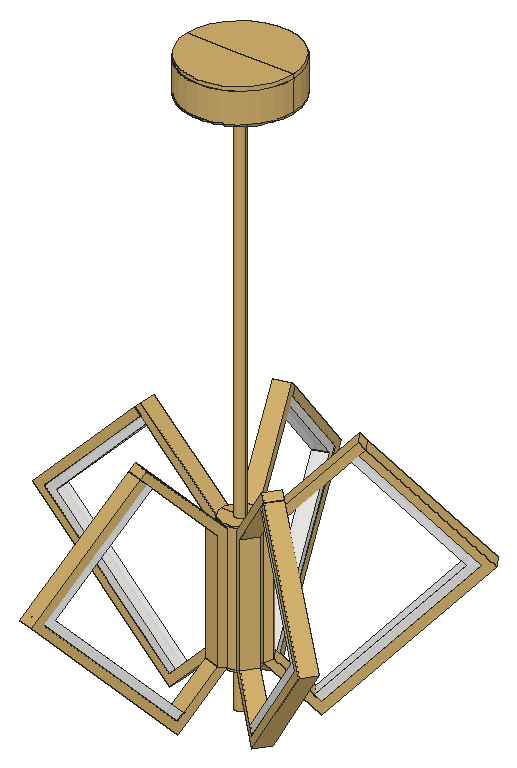
Revit family "3-6142 Acadia Pendant", category Lighting Fixtures, host Ceiling, Revit 2018
Family settings
  Host = Ceiling
  Round Connector Dimension = Use Diameter
  Part Type = Normal
  OmniClass Number = 23.80.70.11
  OmniClass Title = Luminaries for Internal Lighting
  Always vertical = Yes
  Cut with Voids When Loaded = No
  Light Source = Yes
  Shared = No
  Room Calculation Point = No
Parameters (values of type "3-6142-40 / Aged Brass - Matte White Acrylic")
  Wattage Comments = "4 x 12.8 W at 120 V"  # constant formula
  Wattage = 75.56 W
  built-in parameter 1150110 = 1 (stored number, unit not read)
  Voltage Input = "120 V or 277 V - 50/60 Hz"  # constant formula
  Voltage = 120 V
  URL = "www.oxygenlighting.com"
  built-in parameter 1114217 = 1 (stored number, unit not read)
  Tilt Angle = 90.00°  # constant formula
  built-in parameter 1150109 = 1 (stored number, unit not read)
  built-in parameter 1150134 = (empty or 0)
  built-in parameter 1150113 = 1 (stored number, unit not read)
  References = "Ref. 3 = 120 V / Ref. 37 = 277 V"  # constant formula
  Photometric Web File = "3-6142-40 Acadia Pendant.ies"
  Model = "3-6142-xx / Acadia Pendant"  # constant formula
  Metal Finish = 40 - Aged Brass
  Manufacturer = "Oxygen - Lighting & Fans"  # constant formula
  Lumens = 2501.04 lm
  built-in parameter 1150115 = 1 (stored number, unit not read)
  built-in parameter 1150105 = 199.03 (stored number, unit not read)
  built-in parameter 1150137 = (empty or 0)
  built-in parameter 1150139 = (empty or 0)
  built-in parameter 1150112 = 1 (stored number, unit not read)
  built-in parameter 1150114 = 1 (stored number, unit not read)
  Lamp = "LED Array"  # constant formula
  built-in parameter 1150132 = (empty or 0)
  built-in parameter 1150102 = (empty or 0)
  built-in parameter 1150138 = (empty or 0)
  built-in parameter 1150107 = 3000 (stored number, unit not read)
  built-in parameter 1150106 = 1.9903 (stored number, unit not read)
  built-in parameter 1150104 = 3.0751 (stored number, unit not read)
  Dimming Lamp Color Temperature Shift = <None>
  Diffusers = Matte White Acrylic
  Color Filter = 16777215
  built-in parameter 1114218 = 1 (stored number, unit not read)
  built-in parameter 1150133 = 10 (stored number, unit not read)
Types (3): name | Metal Finish
  (no name) | 40 - Aged Brass
  3-6142-24 / Satin Nickel - Matte White Acrylic | 24 - Satin Nickel
  3-6142-40 / Aged Brass - Matte White Acrylic | 40 - Aged Brass
Reference planes (in)
  plane 1 "Light Source Axis (F/B)": y = 0
  plane 2 "Ceiling": z = 96
  plane 3 "Light Source Axis (L/R)": x = 0
  plane 4 "Light Source Elevation": z = 59
  plane 5: z = 93.79528
  plane 6: z = 93.59843
Forms (in)
  Extrusion 1, solid, material "40 - Aged Brass" <- "Metal Finish"
    sketch origin (0, 0, 0) x (1, 0, 0) y (0, 1, 0)
      loop
        line (0, 0.62961) -> (-0.05867, 0.59573) -> (-0.12283, 0.61751) -> (-0.17377, 0.57284) -> (-0.24094, 0.58168) -> (-0.28218, 0.52793) -> (-0.34979, 0.5235) -> (-0.37976, 0.46273) -> (-0.4452, 0.4452) -> (-0.46273, 0.37976) -> (-0.5235, 0.34979) -> (-0.52793, 0.28218) -> (-0.58168, 0.24094) -> (-0.57284, 0.17377) -> (-0.61751, 0.12283) -> (-0.59573, 0.05867) -> (-0.62961, 0) -> (-0.59573, -0.05867) -> (-0.61751, -0.12283) -> (-0.57284, -0.17377) -> (-0.58168, -0.24094) -> (-0.52793, -0.28218) -> (-0.5235, -0.34979) -> (-0.46273, -0.37976) -> (-0.4452, -0.4452) -> (-0.37976, -0.46273) -> (-0.34979, -0.5235) -> (-0.28218, -0.52793) -> (-0.24094, -0.58168) -> (-0.17377, -0.57284) -> (-0.12283, -0.61751) -> (-0.05867, -0.59573) -> (0, -0.62961) -> (0.05867, -0.59573) -> (0.12283, -0.61751) -> (0.17377, -0.57284) -> (0.24094, -0.58168) -> (0.28218, -0.52793) -> (0.34979, -0.5235) -> (0.37976, -0.46273) -> (0.4452, -0.4452) -> (0.46273, -0.37976) -> (0.5235, -0.34979) -> (0.52793, -0.28218) -> (0.58168, -0.24094) -> (0.57284, -0.17377) -> (0.61751, -0.12283) -> (0.59573, -0.05867) -> (0.62961, 0) -> (0.59573, 0.05867) -> (0.61751, 0.12283) -> (0.57284, 0.17377) -> (0.58168, 0.24094) -> (0.52793, 0.28218) -> (0.5235, 0.34979) -> (0.46273, 0.37976) -> (0.4452, 0.4452) -> (0.37976, 0.46273) -> (0.34979, 0.5235) -> (0.28218, 0.52793) -> (0.24094, 0.58168) -> (0.17377, 0.57284) -> (0.12283, 0.61751) -> (0.05867, 0.59573) -> (0, 0.62961)
    from 93.59843 to 93.79528
  Revolve 2, solid, material "40 - Aged Brass" <- "Metal Finish"
    sketch origin (0, 0, 0) x (1, 0, 0) y (0, 0, 1)
      loop
        line (0, 96) -> (0, 93.79528) -> (3.22835, 93.79528)
        arc (3.22835, 93.79528) -> (3.31186, 93.82987) -> (3.34646, 93.91339) r 0.11811
        line (3.34646, 93.91339) -> (3.34646, 95.76378) -> (3.2874, 95.76378) -> (3.2874, 96) -> (0, 96)
      loop
        line (0, 93.59843) -> (0, 92.85039) -> (0.31496, 92.85039) -> (0.31496, 92.92913) -> (0.20669, 92.92913) -> (0.20669, 92.98819)
        arc (0.20669, 92.98819) -> (0.25783, 93.03293) -> (0.29948, 93.08661) r 0.35433
        line (0.29948, 93.08661) -> (0.43307, 93.08661) -> (0.43307, 93.51969) -> (0.47244, 93.55906) -> (0.47244, 93.59843) -> (0, 93.59843)
      axis (0, 96) -> (0, 92.85039)
    angle from 0 to 360
  Revolve 3, solid, material "40 - Aged Brass" <- "Metal Finish"
    sketch origin (0, 0, 0) x (1, 0, 0) y (0, 0, 1)
      loop
        line (0, 92.85039) -> (0, 70.21325) -> (1.16142, 70.21325) -> (1.16142, 70.29199) -> (0.31496, 70.29199) -> (0.31496, 92.77165) -> (0.31496, 92.85039) -> (0, 92.85039)
      axis (0, 92.85039) -> (0, 70.21325)
    angle from 0 to 360
  Revolve 4, solid, material "40 - Aged Brass" <- "Metal Finish"
    sketch origin (0, 0, 0) x (1, 0, 0) y (0, 0, 1)
      loop
        line (-1.14173, 70.21325) -> (-1.14173, 62.29987) -> (0, 62.29987) -> (0, 70.21325) -> (-1.14173, 70.21325)
      axis (0, 70.21325) -> (0, 62.29987)
    angle from 0 to 360
  Revolve 5, solid, material "40 - Aged Brass" <- "Metal Finish"
    sketch origin (0, 0, 0) x (1, 0, 0) y (0, 0, 1)
      loop
        line (-1.16142, 62.29987) -> (-1.16142, 62.22113) -> (-0.31496, 62.22113) -> (-0.31496, 59.5474) -> (0, 59.5474) -> (0, 62.29987) -> (-1.16142, 62.29987)
      axis (0, 62.29987) -> (0, 59.5474)
    angle from 0 to 360
Dimensions and locks (in)
  equal spacing: host sketch curve, plane 3 "Light Source Axis (L/R)", host sketch curve
  equal spacing: host sketch curve, plane 1 "Light Source Axis (F/B)", host sketch curve
  host sketch curve to host sketch curve = 120.00"  (x2)
  locked: plane 2 "Ceiling" to plane 4 "Light Source Elevation" at 37
  locked: plane 5 to plane 6 at 0.19685
  locked: plane 2 "Ceiling" to plane 5 at 2.20472
  aligned and locked: plane 3 "Light Source Axis (L/R)" to imposter light
  aligned and locked: plane 1 "Light Source Axis (F/B)" to imposter light
  aligned and locked: plane 4 "Light Source Elevation" to imposter light
  aligned and locked: Extrusion 1 to plane 5
  aligned and locked: plane 6 to Extrusion 1
  aligned and locked: Revolve 2 sketch curve to plane 3 "Light Source Axis (L/R)"
  aligned and locked: Revolve 3 sketch curve to plane 3 "Light Source Axis (L/R)"
  aligned and locked: Revolve 4 sketch curve to imposter light
  aligned and locked: Revolve 5 sketch curve to imposter light
Nested families (in)
  nested 1: "Diffuser" at (0, 0, 74.74741), type "Diffuser"
  nested 2: "Diffuser" at (0, 0, 74.74741) x (0.309, -0.9511, 0) z (0, 0, 1), type "Diffuser"
  nested 3: "Diffuser" at (0, 0, 74.74741) x (-0.809, -0.5878, 0) z (0, 0, 1), type "Diffuser"
  nested 4: "Diffuser" at (0, 0, 74.74741) x (-0.809, 0.5878, 0) z (0, 0, 1), type "Diffuser"
  nested 5: "Diffuser" at (0, 0, 74.74741) x (0.309, 0.9511, 0) z (0, 0, 1), type "Diffuser"
Connectors (in)
  electrical at (0, 0, 96), driven by "Voltage"
    settings: on Revolve 2, index 1, voltage 120 V, apparent load 0 VA, apparent load phase1 0 VA, apparent load phase2 0 VA, apparent load phase3 0 VA, power factor 1, load classification "Other", number of poles 1, system type 31, power factor state 1, is connector primary yes, connector utility no, sub classification motor no, connector description ""
Definition of nested family "Diffuser"
  Parameters (values of type "Diffuser")
    Metal Finish = none
    Diffuser = none
  Reference planes (in)
    plane 1 "Center (Front/Back)": y = 0
    plane 2: z = 0
    plane 3 "Center (Left/Right)": x = 0
  Forms (in)
    Extrusion 1, solid, material <- "Metal Finish"
      sketch origin (0, 0, 0) x (1, 0, 0) y (0, 0, 1)
        loop
          line (-12.48031, -6.70916) -> (-3.98947, -15.20001) -> (-1.14173, -12.35228) -> (-1.65354, -12.14028) -> (-3.98947, -14.4762) -> (-11.7565, -6.70916) -> (-5.77115, -0.72381) -> (-6.13306, -0.36191) -> (-12.48031, -6.70916)
      from 0.51 to -0.51
    Extrusion 2, solid, material <- "Metal Finish"
      sketch origin (0, 0, 0) x (1, 0, 0) y (0, 0, 1)
        loop
          line (-6.13306, -0.36191) -> (-1.65354, -4.84142) -> (-1.65354, -12.14028) -> (-1.14173, -12.35228) -> (-1.14173, -4.62942) -> (-5.77115, 0) -> (-6.13306, -0.36191)
      from 0.51 to -0.51
    Extrusion 3, solid, material <- "Diffuser"
      sketch origin (0, 0, 0) x (1, 0, 0) y (0, 0, 1)
        loop
          line (-11.03269, -6.70916) -> (-5.40925, -1.08572) -> (-5.77115, -0.72381) -> (-11.7565, -6.70916) -> (-3.98947, -14.4762) -> (-3.62756, -14.1143) -> (-11.03269, -6.70916)
      from 0.48 to -0.48
  Dimensions and locks (in)
    aligned and locked: plane 2 to level
